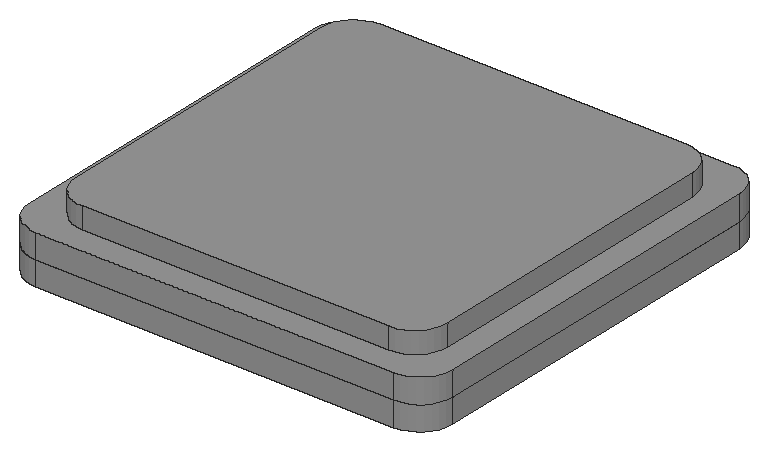
Revit family "FMS2_63_UN_Surface-mounted_ETK", category Lighting Fixtures, Revit 2019 (continued)
Definition of nested family "FMS.2 - Lightsource"
  Types (14, lengths in mm): name | Wattage Comments | Wattage | built-in parameter 1150134 | Photometric Web File | built-in parameter 1150142 | built-in parameter 1150105 | Lumens | built-in parameter 1150107 | built-in parameter 1150106 | Apparent Load
      .9543\t468.7114\t467.3304\t465.9494\t464.7065\t463.3255\t461.3921\r\n458.9063\t456.4205\t453.9347\t451.4489\t449.1012\t446.4773\t443.9915\t441.5057\t439.0199\t436.5341\r\n434.0483\t431.4244\t428.9386\t426.3147\t423.8289\t421.205\t418.5811\t415.9572\t413.4714\t410.8475\r\n408.2236\t405.7378\t403.1139\t400.49\t398.0042\t395.2422\t392.6183\t389.9944\t387.3705\t384.7466\r\n382.2608\t379.6369\t377.013\t374.3891\t371.7652\t368.3127\t364.8602\t361.4077\t357.9552\t354.5027\r\n351.0502\t347.5977\t344.1452\t340.6927\t337.2402\t333.7877\t330.3352\t326.8827\t323.5683\t320.1158\r\n316.8014\t313.3489\t310.0345\t306.582\t303.2676\t299.8151\t296.5007\t293.0482\t289.7338\t286.4194\r\n282.9669\t279.6525\t276.3381\t273.0237\t269.7093\t266.3949\t262.5281\t258.7994\t254.9326\t251.2039\r\n247.4752\t243.7465\t240.0178\t236.2891\t232.5604\t228.9698\t225.2411\t221.5124\t217.7837\t214.055\r\n210.3263\t206.5976\t203.007\t199.4164\t195.8258\t192.2352\t188.6446\t185.054\t181.6015\t178.0109\r\n174.4203\t170.9678\t167.5153\t163.7866\t160.0579\t156.3292\t152.6005\t149.0099\t145.2812\t141.6906\r\n138.031\t134.4265\t130.8221\t127.2453\t123.6824\t120.1194\t116.584\t113.0487\t109.5133\t105.9917\r\n102.484\t98.9763\t95.4823\t91.9884\t88.4945\t85.0282\t81.5481\t76.7698\t66.6747\t56.5796\r\n46.4983\t36.417\t26.3357\t16.2544\t6.1896\t0\t0\t0\t0\t0\r\n0\t0\t0\t0\t0\t0\t0\t0\t0\t0\r\n0\r\n502.9602\t502.1316\t501.1649\t500.3363\t499.6458\t498.9553\t498.1267\t497.2981\t496.4695\t495.6409\r\n494.8123\t493.9837\t493.017\t492.0503\t491.2217\t490.1169\t489.1502\t488.0454\t486.9406\t485.8358\r\n484.8691\t483.6262\t482.3833\t481.1404\t480.0356\t478.7927\t477.5498\t476.3069\t475.064\t473.683\r\n472.302\t471.0591\t469.6781\t468.2971\t466.778\t465.397\t463.8779\t462.3588\t460.8397\t459.3206\r\n457.8015\t456.1443\t454.0728\t451.587\t449.1012\t446.4773\t443.9915\t441.3676\t438.7437\t436.1198\r\n433.4959\t430.7339\t428.11\t425.4861\t422.8622\t420.1002\t417.4763\t414.8524\t412.2285\t409.3284\r\n406.5664\t403.8044\t401.1805\t398.4185\t395.7946\t393.0326\t390.2706\t387.5086\t384.7466\t381.9846\r\n379.3607\t376.5987\t373.8367\t371.0747\t368.3127\t365.5507\t362.7887\t360.0267\t357.2647\t354.0884\r\n350.4978\t346.9072\t343.4547\t339.8641\t336.4116\t332.821\t329.3685\t325.7779\t322.3254\t318.7348\r\n315.2823\t311.6917\t308.2392\t304.6486\t301.1961\t297.7436\t294.153\t290.7005\t287.248\t283.9336\r\n280.4811\t277.0286\t273.5761\t270.1236\t266.6711\t263.2186\t259.9042\t256.4517\t253.1373\t249.8229\r\n246.2323\t242.3655\t238.4987\t234.6319\t230.9032\t227.0364\t223.3077\t219.579\t215.8503\t212.1216\r\n208.3929\t204.8023\t201.0736\t197.3449\t193.6162\t190.0256\t186.435\t182.7063\t179.1157\t175.5251\r\n171.9345\t168.3439\t164.8914\t161.3008\t157.7102\t154.2577\t150.6671\t147.0765\t143.4859\t139.8953\r\n136.2495\t132.6865\t129.1373\t125.5743\t122.0252\t118.5036\t114.9959\t111.5019\t108.0218\t104.5555\r\n101.103\t97.6505\t94.2256\t90.8007\t87.3897\t83.9924\t80.609\t77.2393\t73.8835\t67.5033\r\n57.5325\t47.5755\t37.6184\t27.6752\t17.732\t7.8027\t0\t0\t0\t0\r\n0\t0\t0\t0\t0\t0\t0\t0\t0\t0\r\n0\r\n502.9602\t502.1316\t501.1649\t500.3363\t499.6458\t498.9553\t498.2648\t497.2981\t496.4695\t495.779\r\n494.9504\t493.9837\t493.017\t492.0503\t491.0836\t489.9788\t488.874\t487.7692\t486.6644\t485.5596\r\n484.3167\t483.0738\t481.8309\t480.588\t479.3451\t478.1022\t476.7212\t475.3402\t473.9592\t472.5782\r\n471.0591\t469.6781\t468.159\t466.6399\t464.9827\t463.4636\t461.8064\t460.2873\t458.6301\t456.9729\r\n455.3157\t453.6585\t452.0013\t450.206\t448.4107\t446.6154\t444.1296\t441.5057\t438.7437\t435.9817\r\n433.3578\t430.5958\t427.9719\t425.2099\t422.3098\t419.4097\t416.5096\t413.8857\t411.1237\t408.3617\r\n405.4616\t402.5615\t399.7995\t396.8994\t393.9993\t391.2373\t388.3372\t385.5752\t382.6751\t379.6369\r\n376.7368\t373.8367\t370.9366\t368.0365\t365.1364\t362.3744\t359.4743\t356.5742\t353.6741\t350.774\r\n347.8739\t344.9738\t342.0737\t339.1736\t336.1354\t332.5448\t328.8161\t325.0874\t321.4968\t317.9062\r\n314.3156\t310.725\t306.9963\t303.4057\t299.677\t296.0864\t292.4958\t288.9052\t285.3146\t281.724\r\n278.1334\t274.5428\t270.9522\t267.4997\t263.9091\t260.4566\t257.0041\t253.5516\t250.0991\t246.5085\r\n243.056\t239.6035\t236.151\t232.6985\t229.246\t225.6554\t221.7886\t217.9218\t214.055\t210.3263\r\n206.4595\t202.7308\t199.0021\t195.2734\t191.5447\t187.816\t184.0873\t180.4967\t176.768\t173.0393\r\n169.4487\t165.8581\t162.2675\t158.6769\t155.2244\t151.6338\t148.0432\t144.5907\t141.1382\t137.6305\r\n134.0813\t130.5183\t126.9691\t123.4476\t119.9398\t116.4597\t113.0072\t109.5547\t106.1437\t102.7326\r\n99.3491\t95.9795\t92.6237\t89.2955\t85.9811\t82.6805\t79.3937\t76.1345\t72.8754\t69.6438\r\n66.4261\t59.5902\t49.7436\t39.9109\t30.092\t20.2731\t10.4638\t0.6596\t0\t0\r\n0\t0\t0\t0\t0\t0\t0\t0\t0\t0\r\n0\r\n502.9602\t502.1316\t501.1649\t500.4744\t499.7839\t499.0934\t498.2648\t497.4362\t496.6076\t495.779\r\n494.9504\t493.9837\t493.017\t492.0503\t490.9455\t489.9788\t488.874\t487.7692\t486.5263\t485.1453\r\n483.9024\t482.7976\t481.5547\t480.1737\t478.9308\t477.4117\t476.0307\t474.5116\t473.1306\t471.6115\r\n470.0924\t468.4352\t466.778\t465.2589\t463.6017\t461.9445\t460.1492\t458.492\t456.6967\t455.0395\r\n453.1061\t451.3108\t449.5155\t447.5821\t445.6487\t443.7153\t441.7819\t439.8485\t437.777\t435.8436\r\n433.7721\t430.872\t427.9719\t425.0718\t422.3098\t419.5478\t416.6477\t413.7476\t410.7094\t407.8093\r\n404.7711\t402.0091\t399.109\t396.0708\t393.0326\t389.9944\t386.9562\t383.918\t381.0179\t377.9797\r\n374.9415\t371.9033\t368.8651\t365.8269\t362.7887\t359.7505\t356.7123\t353.6741\t350.6359\t347.4596\r\n344.4214\t341.3832\t338.345\t335.3068\t332.2686\t329.0923\t326.0541\t323.0159\t319.8396\t316.8014\r\n313.7632\t310.3107\t306.582\t302.7152\t298.9865\t295.2578\t291.391\t287.6623\t284.0717\t280.343\r\n276.7524\t273.0237\t269.4331\t265.7044\t261.9757\t258.247\t254.5183\t250.9277\t247.3371\t243.7465\r\n240.1559\t236.5653\t232.9747\t229.5222\t225.9316\t222.341\t218.7504\t215.2979\t211.8454\t208.3929\r\n204.9404\t201.2117\t197.2068\t193.34\t189.6113\t185.7445\t182.0158\t178.149\t174.4203\t170.6916\r\n166.9629\t163.3723\t159.7817\t156.053\t152.6005\t148.8718\t145.2812\t141.6906\t138.2381\t134.7165\r\n131.2917\t127.8944\t124.511\t121.1689\t117.7302\t114.2777\t110.8391\t107.4418\t104.0583\t100.6887\r\n97.3329\t94.0047\t90.7179\t87.4587\t84.2134\t81.0095\t77.8332\t74.6845\t71.5358\t68.4147\r\n65.3213\t62.2279\t59.162\t52.9337\t43.1977\t33.4754\t23.767\t14.0586\t4.3626\t0\r\n0\t0\t0\t0\t0\t0\t0\t0\t0\t0\r\n0\r\n502.9602\t502.1316\t501.1649\t500.4744\t499.922\t499.2315\t498.4029\t497.5743\t496.7457\t496.0552\r\n495.0885\t494.1218\t493.1551\t492.0503\t491.0836\t489.9788\t488.874\t487.6311\t486.2501\t485.0072\r\n483.9024\t482.6595\t481.2785\t479.8975\t478.5165\t476.9974\t475.4783\t473.9592\t472.4401\t470.7829\r\n469.1257\t467.4685\t465.8113\t464.1541\t462.3588\t460.7016\t458.9063\t456.9729\t455.1776\t453.2442\r\n451.3108\t449.2393\t447.3059\t445.2344\t443.301\t441.2295\t439.158\t437.0865\t434.8769\t432.5292\r\n430.4577\t428.2481\t426.0385\t423.8289\t421.6193\t419.1335\t416.7858\t414.1619\t411.2618\t408.2236\r\n405.1854\t402.0091\t398.9709\t395.7946\t392.7564\t389.7182\t386.5419\t383.3656\t380.1893\t377.1511\r\n373.9748\t370.7985\t367.6222\t364.3078\t361.1315\t357.9552\t354.7789\t351.6026\t348.4263\t345.1119\r\n341.9356\t338.6212\t335.4449\t332.1305\t328.8161\t325.6398\t322.4635\t319.1491\t315.9728\t312.6584\r\n309.4821\t306.1677\t302.9914\t299.9532\t296.7769\t293.6006\t290.4243\t286.9718\t283.6574\t279.9287\r\n276.2\t272.4713\t268.6045\t264.7377\t260.8709\t257.0041\t253.1373\t249.4086\t245.5418\t241.8131\r\n238.0844\t234.3557\t230.4889\t226.7602\t223.1696\t219.4409\t215.7122\t211.9835\t208.3929\t204.8023\r\n201.2117\t197.6211\t194.0305\t190.4399\t186.8493\t183.2587\t179.8062\t176.3537\t172.4869\t168.6201\r\n164.7533\t161.0246\t157.2959\t153.5672\t149.8385\t146.2479\t142.5192\t138.9286\t135.4485\t131.8717\r\n128.3363\t124.8286\t121.3485\t117.9374\t114.554\t111.1981\t107.8561\t104.5693\t101.2963\t98.0234\r\n94.7642\t91.5327\t88.3288\t85.1525\t82.0176\t78.8965\t75.8307\t72.7787\t69.7681\t66.7713\r\n63.8022\t60.8469\t57.9191\t55.019\t52.1328\t47.4926\t37.8394\t28.1862\t18.5468\t8.9005\r\n0\t0\t0\t0\t0\t0\t0\t0\t0\t0\r\n0\r\n502.9602\t502.1316\t501.303\t500.6125\t500.0601\t499.3696\t498.541\t497.7124\t497.0219\t496.1933\r\n495.2266\t494.2599\t493.2932\t492.3265\t491.2217\t490.1169\t488.874\t487.6311\t486.3882\t485.1453\r\n483.9024\t482.5214\t481.2785\t479.7594\t478.2403\t476.7212\t475.2021\t473.683\t472.0258\t470.3686\r\n468.7114\t466.9161\t465.2589\t463.4636\t461.6683\t459.7349\t457.8015\t455.8681\t453.9347\t451.8632\r\n449.9298\t447.7202\t445.6487\t443.5772\t441.5057\t439.2961\t437.0865\t434.7388\t432.5292\t430.3196\r\n427.9719\t425.6242\t423.1384\t420.7907\t418.443\t416.0953\t413.6095\t411.1237\t408.6379\t406.014\r\n403.3901\t400.9043\t398.2804\t395.6565\t393.0326\t390.2706\t387.0943\t383.918\t380.6036\t377.1511\r\n373.8367\t370.6604\t367.346\t364.0316\t360.7172\t357.2647\t353.9503\t350.6359\t347.1834\t343.869\r\n340.4165\t336.964\t333.6496\t330.1971\t326.8827\t323.4302\t320.1158\t316.6633\t313.3489\t309.8964\r\n306.582\t303.1295\t299.5389\t296.0864\t292.772\t289.3195\t286.0051\t282.6907\t279.2382\t275.7857\r\n272.3332\t269.0188\t265.5663\t262.2519\t258.7994\t255.485\t252.1706\t248.8562\t245.2656\t241.2607\r\n237.1177\t233.2509\t229.3841\t225.5173\t221.6505\t217.6456\t213.7788\t209.912\t206.1833\t202.3165\r\n198.5878\t194.721\t190.9923\t187.2636\t183.5349\t179.8062\t176.0775\t172.4869\t168.7582\t165.1676\r\n161.577\t158.1245\t154.672\t151.0814\t147.6289\t143.9002\t140.0334\t136.4014\t132.7417\t129.1097\r\n125.4915\t121.9285\t118.4069\t114.8854\t111.3915\t107.9252\t104.5003\t101.0892\t97.7334\t94.3913\r\n91.1184\t87.9421\t84.821\t81.7276\t78.7032\t75.7064\t72.7511\t69.8372\t66.9647\t64.1198\r\n61.3302\t58.5682\t55.8476\t53.1547\t50.4894\t47.8516\t45.2416\t42.6453\t33.5169\t23.8637\r\n14.2243\t4.5877\t0\t0\t0\t0\t0\t0\t0\t0\r\n0\r\n502.9602\t502.1316\t501.303\t500.7506\t500.1982\t499.5077\t498.6791\t497.9886\t497.16\t496.4695\r\n495.5028\t494.5361\t493.5694\t492.6027\t491.4979\t490.3931\t489.0121\t487.7692\t486.6644\t485.4215\r\n484.1786\t482.7976\t481.2785\t479.7594\t478.3784\t476.8593\t475.2021\t473.5449\t471.8877\t470.2305\r\n468.4352\t466.778\t464.9827\t463.0493\t461.1159\t459.1825\t457.2491\t455.1776\t453.1061\t451.0346\r\n448.9631\t446.8916\t444.682\t442.4724\t440.2628\t437.9151\t435.5674\t433.3578\t430.872\t428.5243\r\n426.0385\t423.5527\t421.0669\t418.7192\t416.2334\t413.6095\t410.9856\t408.3617\t405.7378\t403.1139\r\n400.3519\t397.5899\t394.8279\t392.204\t389.5801\t386.68\t383.7799\t380.8798\t378.1178\t375.2177\r\n372.3176\t369.4175\t366.3793\t363.3411\t360.441\t357.5409\t354.5027\t350.9121\t347.4596\t344.0071\r\n340.4165\t337.1021\t333.5115\t329.9209\t326.3303\t322.8778\t319.4253\t315.8347\t312.106\t308.3773\r\n304.9248\t301.3342\t297.8817\t294.4292\t290.7005\t286.9718\t283.3812\t279.9287\t276.3381\t272.7475\r\n269.0188\t265.5663\t261.9757\t258.3851\t254.7945\t251.2039\t247.6133\t244.1608\t240.4321\t236.8415\r\n233.389\t229.7984\t226.3459\t222.7553\t219.3028\t215.7122\t212.2597\t208.6691\t205.2166\t201.4879\r\n197.483\t193.6162\t189.4732\t185.4683\t181.6015\t177.7347\t173.8679\t170.0011\t166.1343\t162.4056\r\n158.5388\t154.672\t150.9433\t147.2146\t143.624\t139.8953\t136.2909\t132.7003\t129.1649\t125.6572\r\n122.2047\t118.8489\t115.5345\t112.0267\t108.3947\t104.8179\t101.2963\t97.8991\t94.5433\t91.2427\r\n87.9973\t84.7934\t81.6585\t78.5651\t75.5407\t72.5577\t69.6162\t66.7299\t63.9127\t61.1507\r\n58.4301\t55.7648\t53.1271\t50.5308\t47.9898\t45.4901\t43.032\t40.6152\t38.2399\t35.8922\r\n30.0782\t20.3697\t10.6572\t0.9483\t0\t0\t0\t0\t0\t0\r\n0\r\n502.9602\t502.1316\t501.303\t500.8887\t500.3363\t499.6458\t498.9553\t498.2648\t497.5743\t496.7457\r\n495.779\t494.8123\t493.9837\t492.8789\t491.9122\t490.6693\t489.4264\t488.1835\t487.0787\t485.8358\r\n484.4548\t483.0738\t481.6928\t480.1737\t478.6546\t477.1355\t475.4783\t473.8211\t472.1639\t470.5067\r\n468.7114\t466.9161\t464.9827\t463.1874\t461.1159\t459.1825\t457.111\t455.0395\t452.968\t450.8965\r\n448.6869\t446.4773\t444.2677\t442.0581\t439.7104\t437.3627\t435.015\t432.5292\t430.0434\t427.5576\r\n425.0718\t422.586\t419.9621\t417.4763\t414.8524\t412.2285\t409.4665\t406.7045\t403.9425\t401.1805\r\n398.4185\t395.6565\t392.8945\t389.9944\t386.9562\t384.0561\t381.156\t378.2559\t375.2177\t372.3176\r\n369.1413\t366.1031\t363.0649\t360.0267\t356.8504\t353.6741\t350.4978\t347.3215\t344.1452\t341.107\r\n337.7926\t334.6163\t331.3019\t328.2637\t324.9493\t321.3587\t318.0443\t314.7299\t311.4155\t308.2392\r\n305.0629\t301.4723\t298.0198\t294.2911\t290.7005\t286.9718\t283.105\t279.3763\t275.6476\t271.9189\r\n268.1902\t264.4615\t260.7328\t256.866\t253.1373\t249.2705\t245.5418\t241.675\t237.9463\t234.0795\r\n230.3508\t226.7602\t222.8934\t219.1647\t215.2979\t211.5692\t207.8405\t204.1118\t200.3831\t196.6544\r\n192.9257\t189.3351\t185.7445\t182.0158\t178.2871\t174.4203\t170.8297\t167.3772\t163.7866\t160.0579\r\n156.6054\t153.0148\t149.4242\t145.4193\t141.5525\t137.6305\t133.667\t129.745\t126.0853\t122.4395\r\n118.8074\t115.1892\t111.5986\t108.008\t104.4727\t101.0063\t97.6229\t94.2671\t91.0079\t87.8454\r\n84.7382\t81.6447\t78.3441\t75.1402\t72.033\t69.0224\t66.067\t63.2222\t60.4326\t57.6844\r\n55.0052\t52.4366\t49.9508\t47.534\t45.1173\t42.7281\t40.3942\t38.1294\t35.9198\t33.7793\r\n31.6939\t29.6501\t27.6476\t18.0497\t7.8841\t0\t0\t0\t0\t0\r\n0\r\n502.9602\t502.2697\t501.4411\t501.0268\t500.4744\t499.7839\t499.0934\t498.541\t497.8505\t497.0219\r\n496.1933\t495.2266\t494.398\t493.2932\t492.3265\t491.0836\t489.8407\t488.7359\t487.6311\t486.3882\r\n485.1453\t483.6262\t482.2452\t480.7261\t479.207\t477.6879\t476.0307\t474.3735\t472.7163\t471.0591\r\n469.2638\t467.4685\t465.5351\t463.6017\t461.6683\t459.5968\t457.5253\t455.4538\t453.3823\t451.1727\r\n449.1012\t446.8916\t444.5439\t442.3343\t439.9866\t437.5008\t435.015\t432.5292\t430.0434\t427.5576\r\n424.9337\t422.4479\t419.824\t417.3382\t414.5762\t411.8142\t409.0522\t406.1521\t403.3901\t400.6281\r\n397.8661\t395.1041\t391.9278\t388.8896\t385.9895\t382.9513\t380.0512\t377.013\t373.9748\t370.7985\r\n367.6222\t364.584\t361.4077\t358.2314\t355.0551\t351.7407\t348.4263\t345.25\t341.9356\t338.7593\r\n335.4449\t332.1305\t328.678\t325.2255\t321.773\t318.3205\t315.0061\t311.6917\t308.2392\t304.6486\r\n301.1961\t297.7436\t294.2911\t290.7005\t287.1099\t283.6574\t280.0668\t276.6143\t273.1618\t269.4331\r\n265.8425\t262.2519\t258.6613\t255.0707\t251.342\t247.7514\t244.0227\t240.4321\t236.9796\t233.2509\r\n229.5222\t225.7935\t222.2029\t218.4742\t214.8836\t210.8787\t207.0119\t203.007\t199.1402\t195.2734\r\n191.2685\t187.2636\t183.2587\t179.3919\t175.387\t171.3821\t167.5153\t163.7866\t159.9198\t156.053\r\n152.1862\t148.3194\t144.4526\t140.862\t137.1195\t133.4322\t129.7726\t126.0715\t122.3428\t118.7246\r\n115.1892\t111.6953\t108.2428\t104.8041\t101.3792\t97.9958\t94.6261\t91.0908\t87.4173\t83.8267\r\n80.3466\t77.0736\t73.8559\t70.721\t67.669\t64.686\t61.7721\t58.9135\t56.1929\t53.5966\r\n51.097\t48.4869\t45.8768\t43.3772\t40.9743\t38.668\t36.4722\t34.3869\t32.4259\t30.5201\r\n28.6419\t26.8605\t25.1894\t23.5875\t22.0546\t17.2901\t5.7298\t0\t0\t0\r\n0\r\n502.9602\t502.2697\t501.5792\t501.1649\t500.7506\t500.0601\t499.3696\t498.8172\t498.2648\t497.4362\r\n496.6076\t495.779\t494.9504\t493.9837\t492.8789\t491.7741\t490.5312\t489.4264\t488.3216\t487.0787\r\n485.8358\t484.4548\t482.9357\t481.5547\t480.1737\t478.5165\t476.9974\t475.3402\t473.683\t472.0258\r\n470.3686\t468.4352\t466.5018\t464.5684\t462.635\t460.5635\t458.6301\t456.5586\t454.349\t452.2775\r\n450.0679\t447.8583\t445.6487\t443.301\t440.9533\t438.4675\t435.8436\t433.4959\t431.1482\t428.5243\r\n425.9004\t423.2765\t420.7907\t418.1668\t415.4048\t412.6428\t409.7427\t406.9807\t404.0806\t401.3186\r\n398.6947\t395.6565\t392.4802\t389.442\t386.5419\t383.5037\t380.6036\t377.4273\t374.251\t371.2128\r\n368.0365\t364.9983\t361.822\t358.5076\t355.1932\t351.8788\t348.5644\t345.25\t342.0737\t338.6212\r\n335.3068\t331.7162\t328.2637\t324.8112\t321.4968\t318.0443\t314.5918\t311.1393\t307.4106\t303.9581\r\n300.5056\t296.915\t293.1863\t289.5957\t286.0051\t282.4145\t278.8239\t275.2333\t271.5046\t267.7759\r\n264.0472\t260.3185\t256.7279\t252.8611\t249.1324\t245.4037\t241.8131\t238.0844\t234.3557\t230.4889\r\n226.6221\t222.7553\t219.0266\t215.2979\t211.5692\t207.7024\t203.8356\t199.9688\t196.102\t192.2352\r\n188.3684\t184.5016\t180.4967\t176.6299\t172.9012\t169.1725\t165.3057\t161.4389\t157.5721\t153.5672\r\n149.8385\t146.1098\t142.243\t138.5143\t134.758\t130.9878\t127.1349\t123.2819\t119.6222\t116.004\r\n112.2891\t108.5742\t104.9974\t101.4759\t97.9405\t94.2394\t90.5936\t87.0168\t83.4676\t79.9461\r\n76.5212\t73.193\t69.9062\t66.6747\t63.4846\t60.4464\t57.4358\t54.4943\t51.608\t48.8598\r\n46.1806\t43.5982\t41.0986\t38.6404\t36.0717\t33.5997\t31.3211\t29.1529\t27.109\t25.2309\r\n23.4632\t21.9855\t20.6874\t19.555\t18.6021\t17.6768\t16.9034\t16.282\t4.2549\t0\r\n0" | 89.127 (stored number, unit not read) | 1120 lm | 4000 (stored number, unit not read) | 0.89127 (stored number, unit not read) | 18 VA
